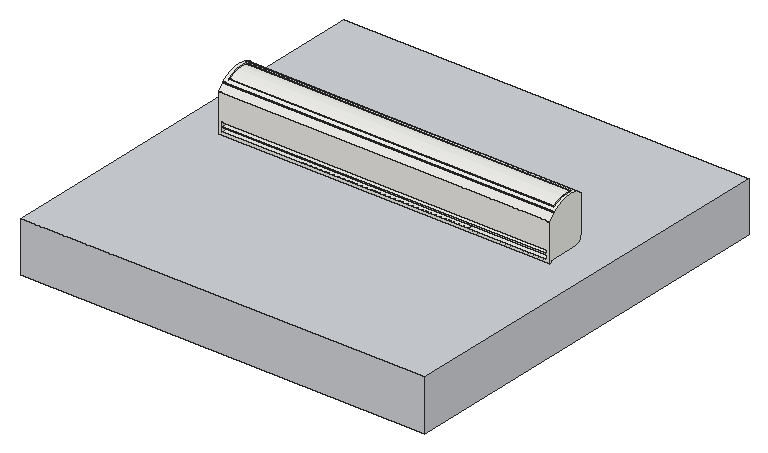
Revit family "ГРЕЕРС ЗВ - 200 В", category Wyposażenie mechaniczne, Revit 2016
Family settings
  Obiekt nadrzędny = Powierzchnia
  Typ części = Normalny
  Wymiar okrągłego złącza = Użyj średnicy
  Tnij formami wycięć po wczytaniu = Nie
  Współdzielony = Nie
  Punkt obliczania pomieszczeń = Nie
Parameters (values of type "ГРЕЕРС ЗВ - 200 В")
  Тепловая мощность = 0 kW
  Температура воздуха на выходе из аппарата (Тр2) = 0 °C
  Температура воздуха на входе в аппарат (Тр1) = 0 °C
  Температура воды на входе в теплообменник (Tw1) = 0 °C
  Производительность = 0 m³/h
  Полная мощность = Напряжение питания * Макс. потребление тока  # 276 VA
  Патрубки = 3/4"
  Падение давления воды в теплообменнике = 0 kPa
  Напряжение питания = 230 V
  Материал 2 = ГРЕЕРС-сталь,перфорация-белый
  Материал = ГРЕЕРС-сталь-белый
  Макс. потребление тока = 1.2 A
  Коэффициент мощности = 0.94
  Количество воды проходящей через теплообменник = 0 L/s
  Классификация нагрузки = ДВИГАТЕЛЬ
  Длина = 2000.00 mm  # constant formula
  Данные продукта = "https://greers.ru/vozdushnye-zavesy/"
  Вес аппарата = 35.10 kg
  Вентилятор = "Однофазный двигатель с поперечным ротором"
  Автор = "www.archispace.com"
  URL = ""
  Tемпература воды на выходе из теплообменника (Tw2) = 0 °C
  Producent = "ГРЕЕРС"
  Opis = "Воздушная завеса"
  Model = "ГРЕЕРС ЗВ - 200 В"
  IP = "21"
  Domyślna rzędna = 2200.00 mm
  Bec аппарата, наполненного водой = 38.50 kg
Reference planes
  plane 1 "Środek (Przód/Tył)": y = 0
  plane 2: z = 0
  plane 3 "Środek (Lewa/Prawa)": x = 0
Forms (mm)
  Extrusion 1, solid
    sketch origin (0, 0, 0) x (1, 0, 0) y (0, 1, 0)
      loop
        line (-1219.2, 1219.2) -> (-1219.2, -1219.2) -> (1219.2, -1219.2) -> (1219.2, 1219.2) -> (-1219.2, 1219.2)
    from 0 to -304.8
Dimensions and locks
  aligned and locked: plane 2 to Extrusion 1
  aligned and locked: level to Extrusion 1
  aligned and locked: plane 3 "Środek (Lewa/Prawa)" to nested 1
  aligned and locked: plane 1 "Środek (Przód/Tył)" to nested 1
Nested families
  nested 1: "ГРЕЕРС ЗВ - 200 В" at (0, 0, 0), type "ГРЕЕРС ЗВ - 200 В"
    with długość 2000.00 mm
Connectors
  piping at (954, 227.682, 166.954), diameter 19.05, driven by "Патрубки", driven by "Количество воды проходящей через теплообменник", driven by "Падение давления воды в теплообменнике"
    settings: on nested 1, index 7, connector inside diameter 24", connector length 0.00 mm, flow factor 0, pipe flow 0 L/s, pressure drop 0 kPa, fitting loss kfactor 0, connector angle 0.00°, fixture units 0, engagement length 0.00 mm, angle of deflection 0.00°, flow configuration 1, flow direction 2, fitting loss method 4, system type 8, joint type 0, gender type 0, connector reference index -1, connector utility 0, adjustable connector no, is connector primary yes, connector description ""
  piping at (954, 227.682, 242.954), diameter 19.05, driven by "Патрубки", driven by "Количество воды проходящей через теплообменник", driven by "Падение давления воды в теплообменнике"
    settings: on nested 1, index 8, connector inside diameter 24", connector length 0.00 mm, flow factor 0, pipe flow 0 L/s, pressure drop 0 kPa, fitting loss kfactor 0, connector angle 0.00°, fixture units 0, engagement length 0.00 mm, angle of deflection 0.00°, flow configuration 1, flow direction 1, fitting loss method 4, system type 7, joint type 0, gender type 0, connector reference index -1, connector utility 0, adjustable connector no, is connector primary no, connector description ""
  electrical at (0, 235.182, 54.049), driven by "Напряжение питания", driven by "Полная мощность", driven by "Коэффициент мощности", driven by "Классификация нагрузки"
    settings: on nested 1, index 9, voltage 230 V, apparent load 276 VA, apparent load phase1 0 VA, apparent load phase2 0 VA, apparent load phase3 0 VA, power factor 0.94, load classification "ДВИГАТЕЛЬ", number of poles 1, system type 30, power factor state 1, is connector primary yes, connector utility no, sub classification motor no, connector description ""
  electrical at (-59, 235.182, 85.024)
    settings: on nested 1, index 10, voltage 0 V, apparent load 0 VA, apparent load phase1 0 VA, apparent load phase2 0 VA, apparent load phase3 0 VA, power factor 1, load classification "Inne", number of poles 1, system type 13, power factor state 1, is connector primary no, connector utility no, sub classification motor no, connector description "Регулятор ТS"
  electrical at (59, 235.182, 85.024)
    settings: on nested 1, index 11, voltage 0 V, apparent load 0 VA, apparent load phase1 0 VA, apparent load phase2 0 VA, apparent load phase3 0 VA, power factor 1, load classification "Inne", number of poles 1, system type 13, power factor state 1, is connector primary no, connector utility no, sub classification motor no, connector description "Конечный датчик"
Definition of nested family "ГРЕЕРС ЗВ - 200 В"
  Parameters
    materiał perforacja = none
    materiał = none
    długość = 1000.00 mm
  Reference planes
    plane 1 "Środek (Przód/Tył)": y = 0
    plane 2: z = 0
    plane 3 "Środek (Lewa/Prawa)": x = 0
    plane 4: x = -500
    plane 5: x = 500
    plane 6: x = -480
    plane 7: x = 480
    plane 8: x = 250
    plane 9: x = -250
  Forms (mm)
    Extrusion 1, solid, material <- "materiał", detail levels medium
      sketch origin (0, 300, 0) x (0, 1, 0) y (0, 0, 1)
        loop
          line (-72.756, 283.564) -> (-81.693, 294.358)
          arc (-81.693, 294.358) -> (-82.051, 294.684) -> (-82.482, 294.903) r 1.8
          line (-82.482, 294.903) -> (-98.157, 300.357)
          arc (-98.157, 300.357) -> (-98.505, 300.566) -> (-98.742, 300.895) r 1
          line (-98.742, 300.895) -> (-99.846, 303.375)
          arc (-99.846, 303.375) -> (-100.355, 304.039) -> (-101.109, 304.402) r 1.8
          arc (-101.109, 304.402) -> (-188.803, 303.806) -> (-267.88, 265.892) r 200.8
          arc (-267.88, 265.892) -> (-268.406, 265.22) -> (-268.563, 264.381) r 1.8
          line (-268.563, 264.381) -> (-268.42, 261.651)
          arc (-268.42, 261.651) -> (-268.477, 261.263) -> (-268.678, 260.927) r 1
          line (-268.678, 260.927) -> (-299.538, 226.654)
          arc (-299.538, 226.654) -> (-299.88, 226.094) -> (-300, 225.449) r 1.8
          line (-300, 225.449) -> (-300, 0) -> (-292.2, 0) -> (-292.2, 13.085) -> (-113.282, 13.085)
          arc (-113.282, 13.085) -> (-84.316, 25.083) -> (-72.318, 54.049) r 40.964
          line (-72.318, 54.049) -> (-72.318, 282.336)
          arc (-72.318, 282.336) -> (-72.431, 282.988) -> (-72.756, 283.564) r 1.943
      from -500 to 500
    Extrusion 2, solid, material <- "materiał", detail levels coarse
      sketch origin (0, 0, 0) x (0, 1, 0) y (0, 0, 1)
        loop
          arc (227.682, 295.867) -> (103.817, 301.954) -> (0, 234.12) r 200.8
          line (0, 234.12) -> (0, 0) -> (227.682, 0) -> (227.682, 295.867)
      from -500 to 500
    Extrusion 3, solid, material <- "materiał", detail levels fine
      sketch origin (0, 0, 0) x (0, 1, 0) y (0, 0, 1)
        loop
          line (227.244, 283.564) -> (218.307, 294.358)
          arc (218.307, 294.358) -> (217.949, 294.684) -> (217.518, 294.903) r 1.8
          line (217.518, 294.903) -> (201.843, 300.357)
          arc (201.843, 300.357) -> (201.495, 300.566) -> (201.258, 300.895) r 1
          line (201.258, 300.895) -> (200.154, 303.375)
          arc (200.154, 303.375) -> (199.645, 304.039) -> (198.891, 304.402) r 1.8
          arc (198.891, 304.402) -> (111.197, 303.806) -> (32.12, 265.892) r 200.8
          arc (32.12, 265.892) -> (31.594, 265.22) -> (31.437, 264.381) r 1.8
          line (31.437, 264.381) -> (31.58, 261.651)
          arc (31.58, 261.651) -> (31.523, 261.263) -> (31.322, 260.927) r 1
          line (31.322, 260.927) -> (0.462, 226.654)
          arc (0.462, 226.654) -> (0.12, 226.094) -> (0, 225.449) r 1.8
          line (0, 225.449) -> (0, 0) -> (7.8, 0) -> (7.8, 13.085) -> (186.718, 13.085)
          arc (186.718, 13.085) -> (215.684, 25.083) -> (227.682, 54.049) r 40.964
          line (227.682, 54.049) -> (227.682, 282.336)
          arc (227.682, 282.336) -> (227.569, 282.988) -> (227.244, 283.564) r 1.943
      from -500 to 500
    Extrusion 4, void
      sketch origin (0, 0, 0) x (0, 1, 0) y (0, 0, 1)
        loop
          line (52, 337.939) -> (52, 227.939) -> (180, 227.939) -> (180, 337.939) -> (52, 337.939)
      from -480 to 480
    Extrusion 5, solid, material <- "materiał perforacja", detail levels fine
      sketch origin (0, 0, 0) x (0, 1, 0) y (0, 0, 1)
        loop
          arc (180, 307.56) -> (113.664, 304.359) -> (52, 279.696) r 200.8
          line (52, 279.696) -> (52, 277.35)
          arc (52, 277.35) -> (113.61, 302.3) -> (180, 305.546) r 198.8
          line (180, 305.546) -> (180, 307.56)
      from -480 to 480
    Extrusion 6, void
      sketch origin (0, 0, 0) x (0, 1, 0) y (0, 0, 1)
        loop
          line (0, 15.085) -> (50, 15.085) -> (50, 70.085) -> (0, 70.085) -> (0, 43.585)
          arc (0, 43.585) -> (17.5, 45.585) -> (35, 43.585) r 77.563
          line (35, 43.585) -> (35, 41.585)
          arc (35, 41.585) -> (17.5, 39.585) -> (0, 41.585) r 77.563
          line (0, 41.585) -> (0, 15.085)
      from -480 to 480
    Extrusion 7, solid, material <- "materiał"
      sketch origin (0, 0, 0) x (0, 1, 0) y (0, 0, 1)
        loop
          line (10, 0) -> (172, 0) -> (172, 13.085) -> (10, 13.085) -> (10, 0)
      from -250 to 250
    Extrusion 8, solid, material <- "materiał"
      sketch origin (0, 0, 0) x (0, 1, 0) y (0, 0, 1)
        loop
          line (227.682, 54.049) -> (242.682, 54.049) -> (242.682, 116) -> (227.682, 116) -> (227.682, 54.049)
      from -59 to 59
    Extrusion 9, solid, material <- "materiał"
      sketch origin (0, 0, 0) x (1, 0, 0) y (0, 0, 1)
        loop
          circle (454, 242.954) r 17
        loop
          circle (454, 166.954) r 17
      from -227.682 to -225
  Cuts and joins
    Extrusion 4, Extrusion 6 cuts Extrusion 3
  Dimensions and locks
    equal spacing: plane 4, plane 3 "Środek (Lewa/Prawa)", plane 5
    "długość": plane 4 to plane 5
    locked: plane 4 to plane 6 at 20
    locked: plane 7 to plane 5 at 20
    equal spacing: plane 4, plane 9, plane 3 "Środek (Lewa/Prawa)"
    equal spacing: plane 3 "Środek (Lewa/Prawa)", plane 8, plane 5
    locked: Extrusion 9 sketch curve to plane 5 at 46  (x2)
    aligned and locked: level to plane 2
    aligned and locked: Extrusion 2 to plane 4
    aligned and locked: Extrusion 1 to plane 4
    aligned and locked: Extrusion 2 to plane 5
    aligned and locked: Extrusion 1 to plane 5
    aligned and locked: Extrusion 3 to plane 4
    aligned and locked: Extrusion 3 to plane 5
    aligned and locked: Extrusion 4 to plane 6
    aligned and locked: Extrusion 4 to plane 7
    aligned and locked: Extrusion 5 to plane 6
    aligned and locked: Extrusion 5 to plane 7
    aligned and locked: Extrusion 6 to plane 7
    aligned and locked: Extrusion 6 to plane 6
    aligned and locked: plane 8 to Extrusion 7
    aligned and locked: plane 9 to Extrusion 7
  Automatic sketch dimensions
    Extrusion 1 sketch curve to level = 0.00 mm
    Extrusion 1 sketch curve to plane 1 "Środek (Przód/Tył)" = 0.00 mm
    Extrusion 1 sketch curve to Extrusion 1 sketch curve = 1.80 mm
    Extrusion 1 sketch curve to plane 1 "Środek (Przód/Tył)" = 7.80 mm
    Extrusion 1 sketch curve to plane 1 "Środek (Przód/Tył)" = 30.581 mm
    Extrusion 1 sketch curve to Extrusion 1 sketch curve = 0.742 mm
    Extrusion 1 sketch curve to Extrusion 1 sketch curve = 0.856 mm
    Extrusion 1 sketch curve to Extrusion 1 sketch curve = 1.797 mm
    Extrusion 1 sketch curve to plane 1 "Środek (Przód/Tył)" = 156.375 mm
    Extrusion 1 sketch curve to Extrusion 1 sketch curve = 30.343 mm
    Extrusion 1 sketch curve to Extrusion 1 sketch curve = 165.276 mm
    Extrusion 1 sketch curve to Extrusion 1 sketch curve = 3.662 mm
    Extrusion 1 sketch curve to Extrusion 1 sketch curve = 14.754 mm
    Extrusion 1 sketch curve to Extrusion 1 sketch curve = 1.38 mm
    Extrusion 1 sketch curve to Extrusion 1 sketch curve = 8.812 mm
    Extrusion 1 sketch curve to Extrusion 1 sketch curve = 1.505 mm
    Extrusion 1 sketch curve to Extrusion 1 sketch curve = 40.964 mm
    Extrusion 1 sketch curve to Extrusion 1 sketch curve = 13.085 mm
    Extrusion 1 sketch curve to Extrusion 1 sketch curve = 54.106 mm
    Extrusion 1 sketch curve to Extrusion 1 sketch curve = 117.295 mm
    Extrusion 1 sketch curve to Extrusion 1 sketch curve = 35.478 mm
    Extrusion 1 sketch curve to Extrusion 1 sketch curve = 0.671 mm
    Extrusion 1 sketch curve to Extrusion 1 sketch curve = 2.783 mm
    Extrusion 1 sketch curve to Extrusion 1 sketch curve = 0.097 mm
    Extrusion 1 sketch curve to Extrusion 1 sketch curve = 174.181 mm
    Extrusion 1 sketch curve to Extrusion 1 sketch curve = 10.867 mm
    Extrusion 1 sketch curve to Extrusion 1 sketch curve = 1.155 mm
    Extrusion 1 sketch curve to Extrusion 1 sketch curve = 8.099 mm
    Extrusion 1 sketch curve to Extrusion 1 sketch curve = 1.341 mm
    Extrusion 1 sketch curve to plane 1 "Środek (Przód/Tył)" = 0.462 mm
    Extrusion 1 sketch curve to Extrusion 1 sketch curve = 0.00 mm  (x14)
    Extrusion 1 sketch curve to Extrusion 1 sketch curve = 0.257 mm
    Extrusion 1 sketch curve to Extrusion 1 sketch curve = 1.263 mm
    Extrusion 1 sketch curve to Extrusion 1 sketch curve = 0.914 mm
    Extrusion 1 sketch curve to Extrusion 1 sketch curve = 0.585 mm
    Extrusion 1 sketch curve to Extrusion 1 sketch curve = 0.789 mm
    Extrusion 1 sketch curve to Extrusion 1 sketch curve = 0.944 mm
    Extrusion 2 sketch curve to level = 0.00 mm
    Extrusion 2 sketch curve to Extrusion 2 sketch curve = 71.306 mm
    Extrusion 2 sketch curve to Extrusion 2 sketch curve = 108.154 mm
    Extrusion 2 sketch curve to plane 1 "Środek (Przód/Tył)" = 0.00 mm
    Extrusion 2 sketch curve to Extrusion 2 sketch curve = 125.966 mm
    Extrusion 2 sketch curve to plane 1 "Środek (Przód/Tył)" = 156.375 mm
    plane 1 "Środek (Przód/Tył)" to Extrusion 3 sketch curve = 0.00 mm
    Extrusion 3 sketch curve to Extrusion 3 sketch curve = 1.80 mm
    Extrusion 3 sketch curve to Extrusion 3 sketch curve = 7.80 mm
    Extrusion 3 sketch curve to Extrusion 3 sketch curve = 28.781 mm
    Extrusion 3 sketch curve to Extrusion 3 sketch curve = 0.742 mm
    Extrusion 3 sketch curve to Extrusion 3 sketch curve = 0.856 mm
    Extrusion 3 sketch curve to Extrusion 3 sketch curve = 1.797 mm
    Extrusion 3 sketch curve to Extrusion 3 sketch curve = 148.575 mm
    Extrusion 3 sketch curve to Extrusion 3 sketch curve = 30.343 mm
    Extrusion 3 sketch curve to Extrusion 3 sketch curve = 165.276 mm
    Extrusion 3 sketch curve to Extrusion 3 sketch curve = 3.662 mm
    Extrusion 3 sketch curve to Extrusion 3 sketch curve = 14.754 mm
    Extrusion 3 sketch curve to Extrusion 3 sketch curve = 1.38 mm
    Extrusion 3 sketch curve to Extrusion 3 sketch curve = 8.812 mm
    Extrusion 3 sketch curve to Extrusion 3 sketch curve = 1.505 mm
    Extrusion 3 sketch curve to Extrusion 3 sketch curve = 40.964 mm
    level to Extrusion 3 sketch curve = 0.00 mm
    Extrusion 3 sketch curve to Extrusion 3 sketch curve = 13.085 mm
    Extrusion 3 sketch curve to Extrusion 3 sketch curve = 54.106 mm
    Extrusion 3 sketch curve to Extrusion 3 sketch curve = 117.295 mm
    Extrusion 3 sketch curve to Extrusion 3 sketch curve = 35.478 mm
    Extrusion 3 sketch curve to Extrusion 3 sketch curve = 0.671 mm
    Extrusion 3 sketch curve to Extrusion 3 sketch curve = 2.783 mm
    Extrusion 3 sketch curve to Extrusion 3 sketch curve = 0.097 mm
    Extrusion 3 sketch curve to Extrusion 3 sketch curve = 174.181 mm
    Extrusion 3 sketch curve to Extrusion 3 sketch curve = 10.867 mm
    Extrusion 3 sketch curve to Extrusion 3 sketch curve = 1.155 mm
    Extrusion 3 sketch curve to Extrusion 3 sketch curve = 8.099 mm
    Extrusion 3 sketch curve to Extrusion 3 sketch curve = 1.341 mm
    Extrusion 3 sketch curve to Extrusion 3 sketch curve = 0.462 mm
    Extrusion 3 sketch curve to Extrusion 3 sketch curve = 0.00 mm  (x14)
    Extrusion 3 sketch curve to Extrusion 3 sketch curve = 0.257 mm
    Extrusion 3 sketch curve to Extrusion 3 sketch curve = 1.263 mm
    Extrusion 3 sketch curve to Extrusion 3 sketch curve = 0.914 mm
    Extrusion 3 sketch curve to Extrusion 3 sketch curve = 0.585 mm
    Extrusion 3 sketch curve to Extrusion 3 sketch curve = 0.789 mm
    Extrusion 3 sketch curve to Extrusion 3 sketch curve = 0.944 mm
    Extrusion 4 sketch curve to Extrusion 4 sketch curve = 128.00 mm
    level to Extrusion 4 sketch curve = 227.939 mm
    Extrusion 4 sketch curve to Extrusion 4 sketch curve = 110.00 mm
    Extrusion 4 sketch curve to plane 1 "Środek (Przód/Tył)" = 52.00 mm
    Extrusion 5 sketch curve to plane 1 "Środek (Przód/Tył)" = 156.375 mm
    level to Extrusion 5 sketch curve = 108.154 mm
    Extrusion 5 sketch curve to plane 1 "Środek (Przód/Tył)" = 52.00 mm
    Extrusion 5 sketch curve to Extrusion 5 sketch curve = 23.625 mm
    Extrusion 5 sketch curve to Extrusion 5 sketch curve = 25.85 mm
    Extrusion 5 sketch curve to Extrusion 5 sketch curve = 2.346 mm
    Extrusion 5 sketch curve to Extrusion 5 sketch curve = 0.00 mm  (x2)
    Extrusion 7 sketch curve to level = 0.00 mm
    Extrusion 7 sketch curve to plane 1 "Środek (Przód/Tył)" = 10.00 mm
    Extrusion 7 sketch curve to Extrusion 7 sketch curve = 162.00 mm
    level to Extrusion 7 sketch curve = 13.085 mm
    Extrusion 8 sketch curve to plane 1 "Środek (Przód/Tył)" = 227.682 mm
    level to Extrusion 8 sketch curve = 116.00 mm
    level to Extrusion 8 sketch curve = 54.049 mm
    Extrusion 8 sketch curve to Extrusion 8 sketch curve = 15.00 mm
    level to Extrusion 9 sketch curve = 166.954 mm
    Extrusion 9 sketch curve to Extrusion 9 sketch curve = 76.00 mm
    Extrusion 6 sketch curve to plane 1 "Środek (Przód/Tył)" = 0.00 mm  (x2)
    Extrusion 6 sketch curve to plane 1 "Środek (Przód/Tył)" = 17.50 mm  (x2)
    Extrusion 6 sketch curve to Extrusion 6 sketch curve = 35.00 mm
    Extrusion 6 sketch curve to Extrusion 6 sketch curve = 15.00 mm
    Extrusion 6 sketch curve to level = 31.977 mm
    level to Extrusion 6 sketch curve = 15.085 mm
    Extrusion 6 sketch curve to Extrusion 6 sketch curve = 26.50 mm  (x2)
    Extrusion 6 sketch curve to Extrusion 6 sketch curve = 2.00 mm
    Extrusion 6 sketch curve to Extrusion 6 sketch curve = 47.063 mm
    radius of Extrusion 9 sketch curve = 17.00 mm  (x2)
Types in the file's own list only (60): name | Тепловая мощность | Температура воздуха на выходе из аппарата (Тр2) | Температура воздуха на входе в аппарат (Тр1) | Температура воды на входе в теплообменник (Tw1) | Производительность | Падение давления воды в теплообменнике | Макс. потребление тока | Количество воды проходящей через теплообменник | Tемпература воды на выходе из теплообменника (Tw2)
  ГРЕЕРС ЗВ - 200 В, 1 скорость, Tw1/Tw2 = 90/70°C, Tp1 = 0 | 31.4 kW | 40.5 °C | 0 °C | 90 °C | 2300 m³/h | 39.4 kPa | 1 A | 0.385 L/s | 70 °C
  ГРЕЕРС ЗВ - 200 В, 1 скорость, Tw1/Tw2 = 90/70°C, Tp1 = 5 | 29.5 kW | 43 °C | 5 °C | 90 °C | 2300 m³/h | 35.1 kPa | 1 A | 0.361 L/s | 70 °C
  ГРЕЕРС ЗВ - 200 В, 1 скорость, Tw1/Tw2 = 90/70°C, Tp1 = 10 | 27.5 kW | 45 °C | 10 °C | 90 °C | 2300 m³/h | 31 kPa | 1 A | 0.337 L/s | 70 °C
  ГРЕЕРС ЗВ - 200 В, 1 скорость, Tw1/Tw2 = 90/70°C, Tp1 = 15 | 25.6 kW | 47.5 °C | 15 °C | 90 °C | 2300 m³/h | 27.1 kPa | 1 A | 0.313 L/s | 70 °C
  ГРЕЕРС ЗВ - 200 В, 1 скорость, Tw1/Tw2 = 90/70°C, Tp1 = 20 | 23.6 kW | 50 °C | 20 °C | 90 °C | 2300 m³/h | 23.4 kPa | 1 A | 0.289 L/s | 70 °C
  ГРЕЕРС ЗВ - 200 В, 1 скорость, Tw1/Tw2 = 80/60°C, Tp1 = 0 | 27.2 kW | 35 °C | 0 °C | 80 °C | 2300 m³/h | 30.9 kPa | 1 A | 0.332 L/s | 60 °C
  ГРЕЕРС ЗВ - 200 В, 1 скорость, Tw1/Tw2 = 80/60°C, Tp1 = 5 | 25.2 kW | 37.5 °C | 5 °C | 80 °C | 2300 m³/h | 27 kPa | 1 A | 0.308 L/s | 60 °C
  ГРЕЕРС ЗВ - 200 В, 1 скорость, Tw1/Tw2 = 80/60°C, Tp1 = 10 | 23.3 kW | 40 °C | 10 °C | 80 °C | 2300 m³/h | 23.3 kPa | 1 A | 0.284 L/s | 60 °C
  ГРЕЕРС ЗВ - 200 В, 1 скорость, Tw1/Tw2 = 80/60°C, Tp1 = 15 | 21.3 kW | 42 °C | 15 °C | 80 °C | 2300 m³/h | 19.9 kPa | 1 A | 0.26 L/s | 60 °C
  ГРЕЕРС ЗВ - 200 В, 1 скорость, Tw1/Tw2 = 80/60°C, Tp1 = 20 | 19.3 kW | 44.5 °C | 20 °C | 80 °C | 2300 m³/h | 16.6 kPa | 1 A | 0.235 L/s | 60 °C
  ГРЕЕРС ЗВ - 200 В, 1 скорость, Tw1/Tw2 = 70/50°C, Tp1 = 0 | 22.9 kW | 29.5 °C | 0 °C | 70 °C | 2300 m³/h | 23.3 kPa | 1 A | 0.279 L/s | 50 °C
  ГРЕЕРС ЗВ - 200 В, 1 скорость, Tw1/Tw2 = 70/50°C, Tp1 = 5 | 21 kW | 32 °C | 5 °C | 70 °C | 2300 m³/h | 19.8 kPa | 1 A | 0.255 L/s | 50 °C
  ГРЕЕРС ЗВ - 200 В, 1 скорость, Tw1/Tw2 = 70/50°C, Tp1 = 10 | 19 kW | 34.5 °C | 10 °C | 70 °C | 2300 m³/h | 16.6 kPa | 1 A | 0.23 L/s | 50 °C
  ГРЕЕРС ЗВ - 200 В, 1 скорость, Tw1/Tw2 = 70/50°C, Tp1 = 15 | 17 kW | 36.5 °C | 15 °C | 70 °C | 2300 m³/h | 13.6 kPa | 1 A | 0.206 L/s | 50 °C
  ГРЕЕРС ЗВ - 200 В, 1 скорость, Tw1/Tw2 = 70/50°C, Tp1 = 20 | 14.9 kW | 39 °C | 20 °C | 70 °C | 2300 m³/h | 10.8 kPa | 1 A | 0.182 L/s | 50 °C
  ГРЕЕРС ЗВ - 200 В, 1 скорость, Tw1/Tw2 = 60/40°C, Tp1 = 0 | 18.7 kW | 24 °C | 0 °C | 60 °C | 2300 m³/h | 16.6 kPa | 1 A | 0.226 L/s | 40 °C
  ГРЕЕРС ЗВ - 200 В, 1 скорость, Tw1/Tw2 = 60/40°C, Tp1 = 5 | 16.7 kW | 26.5 °C | 5 °C | 60 °C | 2300 m³/h | 13.6 kPa | 1 A | 0.202 L/s | 40 °C
  ГРЕЕРС ЗВ - 200 В, 1 скорость, Tw1/Tw2 = 60/40°C, Tp1 = 10 | 14.7 kW | 29 °C | 10 °C | 60 °C | 2300 m³/h | 10.8 kPa | 1 A | 0.177 L/s | 40 °C
  ГРЕЕРС ЗВ - 200 В, 1 скорость, Tw1/Tw2 = 60/40°C, Tp1 = 15 | 12.6 kW | 31 °C | 15 °C | 60 °C | 2300 m³/h | 8.3 kPa | 1 A | 0.153 L/s | 40 °C
  ГРЕЕРС ЗВ - 200 В, 1 скорость, Tw1/Tw2 = 60/40°C, Tp1 = 20 | 10.6 kW | 33.5 °C | 20 °C | 60 °C | 2300 m³/h | 6 kPa | 1 A | 0.128 L/s | 40 °C
  ГРЕЕРС ЗВ - 200 В, 2 скорость, Tw1/Tw2 = 90/70°C, Tp1 = 0 | 34 kW | 38.5 °C | 0 °C | 90 °C | 2600 m³/h | 45.4 kPa | 1 A | 0.416 L/s | 70 °C
  ГРЕЕРС ЗВ - 200 В, 2 скорость, Tw1/Tw2 = 90/70°C, Tp1 = 5 | 31.9 kW | 41 °C | 5 °C | 90 °C | 2600 m³/h | 40.5 kPa | 1 A | 0.39 L/s | 70 °C
  ГРЕЕРС ЗВ - 200 В, 2 скорость, Tw1/Tw2 = 90/70°C, Tp1 = 10 | 29.8 kW | 43.5 °C | 10 °C | 90 °C | 2600 m³/h | 35.7 kPa | 1 A | 0.365 L/s | 70 °C
  ГРЕЕРС ЗВ - 200 В, 2 скорость, Tw1/Tw2 = 90/70°C, Tp1 = 15 | 27.6 kW | 46 °C | 15 °C | 90 °C | 2600 m³/h | 31.2 kPa | 1 A | 0.339 L/s | 70 °C
  ГРЕЕРС ЗВ - 200 В, 2 скорость, Tw1/Tw2 = 90/70°C, Tp1 = 20 | 25.5 kW | 48.5 °C | 20 °C | 90 °C | 2600 m³/h | 26.9 kPa | 1 A | 0.312 L/s | 70 °C
  ГРЕЕРС ЗВ - 200 В, 2 скорость, Tw1/Tw2 = 80/60°C, Tp1 = 0 | 29.4 kW | 33.5 °C | 0 °C | 80 °C | 2600 m³/h | 35.6 kPa | 1 A | 0.358 L/s | 60 °C
  ГРЕЕРС ЗВ - 200 В, 2 скорость, Tw1/Tw2 = 80/60°C, Tp1 = 5 | 27.3 kW | 36 °C | 5 °C | 80 °C | 2600 m³/h | 31.1 kPa | 1 A | 0.333 L/s | 60 °C
  ГРЕЕРС ЗВ - 200 В, 2 скорость, Tw1/Tw2 = 80/60°C, Tp1 = 10 | 25.1 kW | 38.5 °C | 10 °C | 80 °C | 2600 m³/h | 26.9 kPa | 1 A | 0.307 L/s | 60 °C
  ГРЕЕРС ЗВ - 200 В, 2 скорость, Tw1/Tw2 = 80/60°C, Tp1 = 15 | 23 kW | 41 °C | 15 °C | 80 °C | 2600 m³/h | 22.9 kPa | 1 A | 0.28 L/s | 60 °C
  ГРЕЕРС ЗВ - 200 В, 2 скорость, Tw1/Tw2 = 80/60°C, Tp1 = 20 | 20.8 kW | 43.5 °C | 20 °C | 80 °C | 2600 m³/h | 19.1 kPa | 1 A | 0.254 L/s | 60 °C
  ГРЕЕРС ЗВ - 200 В, 2 скорость, Tw1/Tw2 = 70/50°C, Tp1 = 0 | 24.8 kW | 28 °C | 0 °C | 70 °C | 2600 m³/h | 26.8 kPa | 1 A | 0.301 L/s | 50 °C
  ГРЕЕРС ЗВ - 200 В, 2 скорость, Tw1/Tw2 = 70/50°C, Tp1 = 5 | 22.7 kW | 30.5 °C | 5 °C | 70 °C | 2600 m³/h | 22.8 kPa | 1 A | 0.275 L/s | 50 °C
  ГРЕЕРС ЗВ - 200 В, 2 скорость, Tw1/Tw2 = 70/50°C, Tp1 = 10 | 20.5 kW | 33 °C | 10 °C | 70 °C | 2600 m³/h | 19.1 kPa | 1 A | 0.249 L/s | 50 °C
  ГРЕЕРС ЗВ - 200 В, 2 скорость, Tw1/Tw2 = 70/50°C, Tp1 = 15 | 18.3 kW | 35.5 °C | 15 °C | 70 °C | 2600 m³/h | 15.6 kPa | 1 A | 0.223 L/s | 50 °C
  ГРЕЕРС ЗВ - 200 В, 2 скорость, Tw1/Tw2 = 70/50°C, Tp1 = 20 | 16.1 kW | 38 °C | 20 °C | 70 °C | 2600 m³/h | 12.4 kPa | 1 A | 0.196 L/s | 50 °C
  ГРЕЕРС ЗВ - 200 В, 2 скорость, Tw1/Tw2 = 60/40°C, Tp1 = 0 | 20.2 kW | 23 °C | 0 °C | 60 °C | 2600 m³/h | 19.1 kPa | 1 A | 0.244 L/s | 40 °C
  ГРЕЕРС ЗВ - 200 В, 2 скорость, Tw1/Tw2 = 60/40°C, Tp1 = 5 | 18 kW | 25.5 °C | 5 °C | 60 °C | 2600 m³/h | 15.6 kPa | 1 A | 0.218 L/s | 40 °C
  ГРЕЕРС ЗВ - 200 В, 2 скорость, Tw1/Tw2 = 60/40°C, Tp1 = 10 | 15.9 kW | 28 °C | 10 °C | 60 °C | 2600 m³/h | 12.4 kPa | 1 A | 0.192 L/s | 40 °C
  ГРЕЕРС ЗВ - 200 В, 2 скорость, Tw1/Tw2 = 60/40°C, Tp1 = 15 | 13.6 kW | 30.5 °C | 15 °C | 60 °C | 2600 m³/h | 9.5 kPa | 1 A | 0.165 L/s | 40 °C
  ГРЕЕРС ЗВ - 200 В, 2 скорость, Tw1/Tw2 = 60/40°C, Tp1 = 20 | 11.4 kW | 33 °C | 20 °C | 60 °C | 2600 m³/h | 6.9 kPa | 1 A | 0.138 L/s | 40 °C
  ГРЕЕРС ЗВ - 200 В, 3 скорость, Tw1/Tw2 = 90/70°C, Tp1 = 0 | 37.1 kW | 36.5 °C | 0 °C | 90 °C | 3000 m³/h | 53.5 kPa | 1 A | 0.455 L/s | 70 °C
  ГРЕЕРС ЗВ - 200 В, 3 скорость, Tw1/Tw2 = 90/70°C, Tp1 = 5 | 34.8 kW | 39.5 °C | 5 °C | 90 °C | 3000 m³/h | 47.6 kPa | 1 A | 0.427 L/s | 70 °C
  ГРЕЕРС ЗВ - 200 В, 3 скорость, Tw1/Tw2 = 90/70°C, Tp1 = 10 | 32.5 kW | 42 °C | 10 °C | 90 °C | 3000 m³/h | 42 kPa | 1 A | 0.399 L/s | 70 °C
  ГРЕЕРС ЗВ - 200 В, 3 скорость, Tw1/Tw2 = 90/70°C, Tp1 = 15 | 30.2 kW | 44.5 °C | 15 °C | 90 °C | 3000 m³/h | 36.7 kPa | 1 A | 0.37 L/s | 70 °C
  ГРЕЕРС ЗВ - 200 В, 3 скорость, Tw1/Tw2 = 90/70°C, Tp1 = 20 | 27.9 kW | 47 °C | 20 °C | 90 °C | 3000 m³/h | 31.7 kPa | 1 A | 0.341 L/s | 70 °C
  ГРЕЕРС ЗВ - 200 В, 3 скорость, Tw1/Tw2 = 80/60°C, Tp1 = 0 | 32.1 kW | 31.5 °C | 0 °C | 80 °C | 3000 m³/h | 41.9 kPa | 1 A | 0.392 L/s | 60 °C
  ГРЕЕРС ЗВ - 200 В, 3 скорость, Tw1/Tw2 = 80/60°C, Tp1 = 5 | 29.8 kW | 34.5 °C | 5 °C | 80 °C | 3000 m³/h | 36.6 kPa | 1 A | 0.364 L/s | 60 °C
  ГРЕЕРС ЗВ - 200 В, 3 скорость, Tw1/Tw2 = 80/60°C, Tp1 = 10 | 27.5 kW | 37 °C | 10 °C | 80 °C | 3000 m³/h | 31.6 kPa | 1 A | 0.335 L/s | 60 °C
  ГРЕЕРС ЗВ - 200 В, 3 скорость, Tw1/Tw2 = 80/60°C, Tp1 = 15 | 25.1 kW | 39.5 °C | 15 °C | 80 °C | 3000 m³/h | 26.8 kPa | 1 A | 0.307 L/s | 60 °C
  ГРЕЕРС ЗВ - 200 В, 3 скорость, Tw1/Tw2 = 80/60°C, Tp1 = 20 | 22.8 kW | 42 °C | 20 °C | 80 °C | 3000 m³/h | 22.4 kPa | 1 A | 0.278 L/s | 60 °C
  ГРЕЕРС ЗВ - 200 В, 3 скорость, Tw1/Tw2 = 70/50°C, Tp1 = 0 | 27.1 kW | 26.5 °C | 0 °C | 70 °C | 3000 m³/h | 31.5 kPa | 1 A | 0.329 L/s | 50 °C
  ГРЕЕРС ЗВ - 200 В, 3 скорость, Tw1/Tw2 = 70/50°C, Tp1 = 5 | 24.8 kW | 29.5 °C | 5 °C | 70 °C | 3000 m³/h | 26.8 kPa | 1 A | 0.301 L/s | 50 °C
  ГРЕЕРС ЗВ - 200 В, 3 скорость, Tw1/Tw2 = 70/50°C, Tp1 = 10 | 22.4 kW | 32 °C | 10 °C | 70 °C | 3000 m³/h | 22.4 kPa | 1 A | 0.272 L/s | 50 °C
  ГРЕЕРС ЗВ - 200 В, 3 скорость, Tw1/Tw2 = 70/50°C, Tp1 = 15 | 20 kW | 34.5 °C | 15 °C | 70 °C | 3000 m³/h | 18.2 kPa | 1 A | 0.244 L/s | 50 °C
  ГРЕЕРС ЗВ - 200 В, 3 скорость, Tw1/Tw2 = 70/50°C, Tp1 = 20 | 17.6 kW | 37 °C | 20 °C | 70 °C | 3000 m³/h | 14.6 kPa | 1 A | 0.214 L/s | 50 °C
  ГРЕЕРС ЗВ - 200 В, 3 скорость, Tw1/Tw2 = 60/40°C, Tp1 = 0 | 22 kW | 22 °C | 0 °C | 60 °C | 3000 m³/h | 22.4 kPa | 1 A | 0.267 L/s | 40 °C
  ГРЕЕРС ЗВ - 200 В, 3 скорость, Tw1/Tw2 = 60/40°C, Tp1 = 5 | 19.7 kW | 24.5 °C | 5 °C | 60 °C | 3000 m³/h | 18.3 kPa | 1 A | 0.239 L/s | 40 °C
  ГРЕЕРС ЗВ - 200 В, 3 скорость, Tw1/Tw2 = 60/40°C, Tp1 = 10 | 17.3 kW | 27 °C | 10 °C | 60 °C | 3000 m³/h | 14.5 kPa | 1 A | 0.21 L/s | 40 °C
  ГРЕЕРС ЗВ - 200 В, 3 скорость, Tw1/Tw2 = 60/40°C, Tp1 = 15 | 14.9 kW | 29.5 °C | 15 °C | 60 °C | 3000 m³/h | 11.1 kPa | 1 A | 0.181 L/s | 40 °C
  ГРЕЕРС ЗВ - 200 В, 3 скорость, Tw1/Tw2 = 60/40°C, Tp1 = 20 | 12.5 kW | 32 °C | 20 °C | 60 °C | 3000 m³/h | 8.1 kPa | 1 A | 0.151 L/s | 40 °C
